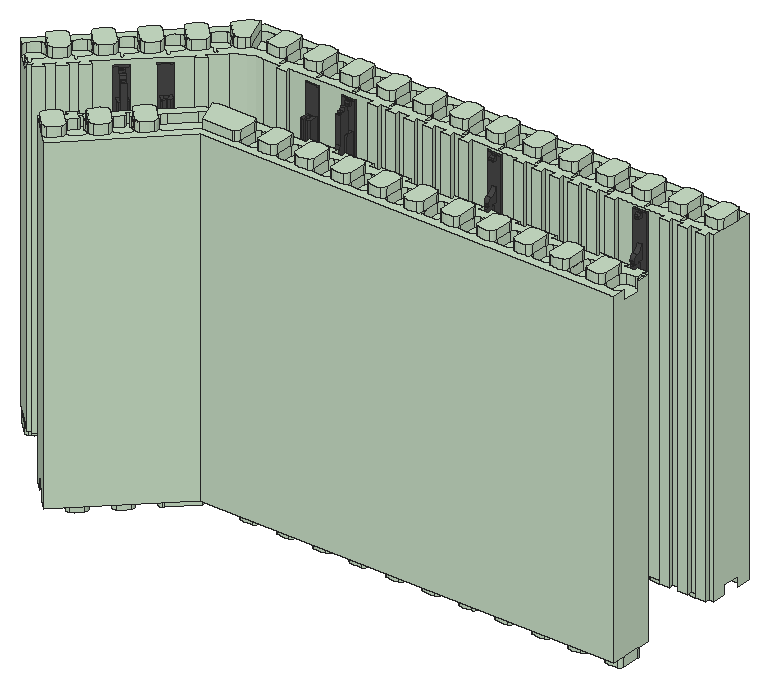
Revit family (continued)
Definition of nested family "NUDURA Logo Diamond"
  Lines and regions (in)
    model lines
      curve 99: arc (11.3964, 0, 2.00607) -> (11.29388, 0, 2.25355) -> (11.3964, 0, 2.50104) r 0.35
      curve 100: arc (11.46711, 0, 2.07678) -> (11.39388, 0, 2.25355) -> (11.46711, 0, 2.43033) r 0.25
      curve 101: arc (12.52777, 0, 2.07678) -> (12.60099, 0, 2.25355) -> (12.52777, 0, 2.43033) r 0.25
      curve 102: arc (12.17421, 0, 2.78388) -> (11.99744, 0, 2.85711) -> (11.82066, 0, 2.78388) r 0.25
      curve 103: arc (11.82066, 0, 1.72322) -> (11.99744, 0, 1.65) -> (12.17421, 0, 1.72322) r 0.25
      curve 104: arc (12.59848, 0, 2.00607) -> (12.70099, 0, 2.25355) -> (12.59848, 0, 2.50104) r 0.35
      curve 105: line (11.63374, 0, 1.76872) -> (11.3964, 0, 2.00607)
      curve 106: line (12.59848, 0, 2.00607) -> (12.36113, 0, 1.76872)
      curve 107: arc (11.63374, 0, 2.73839) -> (11.74358, 0, 3.00355) -> (11.63374, 0, 3.26872) r 0.375
      curve 108: arc (12.36113, 0, 2.73839) -> (12.2513, 0, 3.00355) -> (12.36113, 0, 3.26872) r 0.375
      curve 109: line (12.36113, 0, 4.23839) -> (12.59848, 0, 4.00104)
      curve 110: line (11.3964, 0, 4.00104) -> (11.63374, 0, 4.23839)
      curve 111: line (11.82066, 0, 3.22322) -> (11.46711, 0, 3.57678)
      curve 112: line (12.52777, 0, 3.57678) -> (12.17421, 0, 3.22322)
      curve 113: line (12.17421, 0, 4.28388) -> (12.52777, 0, 3.93033)
      curve 114: line (11.46711, 0, 3.93033) -> (11.82066, 0, 4.28388)
      curve 115: arc (11.3964, 0, 3.50607) -> (11.29388, 0, 3.75355) -> (11.3964, 0, 4.00104) r 0.35
      curve 116: arc (11.46711, 0, 3.57678) -> (11.39388, 0, 3.75355) -> (11.46711, 0, 3.93033) r 0.25
      curve 117: arc (12.52777, 0, 3.57678) -> (12.60099, 0, 3.75355) -> (12.52777, 0, 3.93033) r 0.25
      curve 118: arc (12.17421, 0, 4.28388) -> (11.99744, 0, 4.35711) -> (11.82066, 0, 4.28388) r 0.25
      curve 119: arc (11.82066, 0, 3.22322) -> (11.99744, 0, 3.15) -> (12.17421, 0, 3.22322) r 0.25
      curve 120: arc (12.59848, 0, 3.50607) -> (12.70099, 0, 3.75355) -> (12.59848, 0, 4.00104) r 0.35
      curve 121: line (11.63374, 0, 3.26872) -> (11.3964, 0, 3.50607)
      curve 122: arc (11.63374, 0, 4.23839) -> (11.74358, 0, 4.50355) -> (11.63374, 0, 4.76872) r 0.375
      curve 123: arc (12.36113, 0, 4.23839) -> (12.2513, 0, 4.50355) -> (12.36113, 0, 4.76872) r 0.375
      curve 124: line (12.78279, 0, 5.19038) -> (12.36113, 0, 4.76872)
      curve 125: line (11.21208, 0, 5.19038) -> (11.28279, 0, 5.26109)
      curve 126: arc (11.82066, 0, 4.72322) -> (11.99744, 0, 4.65) -> (12.17421, 0, 4.72322) r 0.25
      curve 127: line (12.37244, 0, 12.50355) -> (11.62244, 0, 12.50355)
      curve 128: line (12.74744, 0, 5.87855) -> (12.74744, 0, 12.12855)
      curve 129: line (11.24744, 0, 12.12855) -> (11.24744, 0, 5.87855)
      curve 130: line (11.62244, 0, 5.50355) -> (12.37244, 0, 5.50355)
      curve 131: line (12.47232, 0, 12.00355) -> (12.0393, 0, 12.25355)
      curve 132: line (12.47232, 0, 11.50355) -> (12.47232, 0, 12.00355)
      curve 133: line (12.25581, 0, 11.37855) -> (12.47232, 0, 11.50355)
      curve 134: line (12.02256, 0, 11.51322) -> (12.25581, 0, 11.37855)
      curve 135: line (12.22232, 0, 11.62855) -> (12.02256, 0, 11.51322)
      curve 136: line (11.80605, 0, 12.11888) -> (12.22232, 0, 11.87855)
      curve 137: line (12.22232, 0, 11.87855) -> (12.22232, 0, 11.62855)
      curve 138: line (12.0393, 0, 12.25355) -> (11.80605, 0, 12.11888)
      curve 139: line (11.77256, 0, 11.63822) -> (11.97232, 0, 11.75355)
      curve 140: line (11.97232, 0, 11.75355) -> (11.73906, 0, 11.88822)
      curve 141: line (11.73906, 0, 11.88822) -> (11.52256, 0, 11.76322)
      curve 142: line (11.52256, 0, 11.76322) -> (11.52256, 0, 11.26322)
      curve 143: line (11.77256, 0, 11.38822) -> (11.77256, 0, 11.63822)
      curve 144: line (12.18882, 0, 11.14789) -> (11.77256, 0, 11.38822)
      curve 145: line (11.95557, 0, 11.01322) -> (12.18882, 0, 11.14789)
      curve 146: line (11.52256, 0, 11.26322) -> (11.95557, 0, 11.01322)
      curve 147: line (12.31108, 0, 10.60411) -> (11.68379, 0, 10.74458)
      curve 148: line (11.68379, 0, 10.74458) -> (11.68379, 0, 10.51321)
      curve 149: line (11.68379, 0, 10.51321) -> (12.1295, 0, 10.41405)
      curve 150: line (12.1295, 0, 10.41405) -> (11.68379, 0, 10.27358)
      curve 151: line (11.68379, 0, 10.27358) -> (11.68379, 0, 9.8852)
      curve 152: line (11.68379, 0, 9.8852) -> (12.17077, 0, 9.77615)
      curve 153: line (12.17077, 0, 9.77615) -> (12.17077, 0, 9.74472)
      curve 154: line (12.17077, 0, 9.74472) -> (11.86146, 0, 9.80279)
      curve 155: line (11.68379, 0, 9.65536) -> (11.68379, 0, 9.35864)
      curve 156: line (12.07077, 0, 8.74385) -> (12.07077, 0, 8.99996)
      curve 157: line (12.07077, 0, 8.99996) -> (11.68379, 0, 9.08605)
      curve 158: line (11.68379, 0, 9.08605) -> (11.68379, 0, 8.47809)
      curve 159: line (11.91823, 0, 9.06589) -> (12.31108, 0, 8.97792)
      curve 160: line (11.82444, 0, 8.55476) -> (11.82444, 0, 8.79865)
      curve 161: line (11.82444, 0, 8.79865) -> (12.07077, 0, 8.74385)
      curve 162: line (11.68379, 0, 8.07193) -> (11.68379, 0, 7.77522)
      curve 163: line (11.91823, 0, 7.48247) -> (12.21108, 0, 7.41688)
      curve 164: line (12.21108, 0, 7.41688) -> (12.21108, 0, 6.95405)
      curve 165: line (12.16108, 0, 6.90405) -> (12.12077, 0, 6.90405)
      curve 166: line (12.07077, 0, 6.95405) -> (12.07077, 0, 7.08675)
      curve 167: line (12.07077, 0, 7.08675) -> (12.12077, 0, 7.07556)
      curve 168: line (12.12077, 0, 7.07556) -> (12.12077, 0, 7.33463)
      curve 169: line (12.12077, 0, 7.33463) -> (11.68379, 0, 7.43249)
      curve 170: line (11.68379, 0, 7.43249) -> (11.68379, 0, 7.17341)
      curve 171: line (11.68379, 0, 7.17341) -> (11.97077, 0, 7.10915)
      curve 172: line (11.97077, 0, 7.10915) -> (11.97077, 0, 6.99425)
      curve 173: line (11.92077, 0, 6.94425) -> (11.68379, 0, 6.94425)
      curve 174: line (11.68379, 0, 6.94425) -> (11.68379, 0, 6.45682)
      curve 175: line (11.68379, 0, 6.45682) -> (11.78284, 0, 6.38658)
      curve 176: line (11.78284, 0, 6.38658) -> (11.78284, 0, 6.05178)
      curve 177: line (12.12371, 0, 6.14486) -> (11.88284, 0, 6.31567)
      curve 178: line (11.88284, 0, 6.31567) -> (11.88284, 0, 6.07909)
      curve 179: line (11.88284, 0, 6.07909) -> (12.12371, 0, 6.14486)
      curve 180: line (11.78284, 0, 6.05178) -> (11.68379, 0, 6.02474)
      curve 181: line (11.68379, 0, 6.02474) -> (11.68379, 0, 5.75355)
      curve 182: line (11.68379, 0, 5.75355) -> (12.31108, 0, 5.92483)
      curve 183: line (12.31108, 0, 5.92483) -> (12.31108, 0, 6.28791)
      curve 184: line (12.31108, 0, 6.28791) -> (11.76249, 0, 6.67694)
      curve 185: line (11.76249, 0, 6.67694) -> (11.90321, 0, 6.67694)
      curve 186: line (12.31108, 0, 6.78674) -> (12.31108, 0, 7.63562)
      curve 187: line (12.31108, 0, 7.63562) -> (11.90258, 0, 7.7271)
      curve 188: line (11.82444, 0, 7.82469) -> (11.82444, 0, 7.92839)
      curve 189: line (11.88536, 0, 7.97718) -> (12.31108, 0, 7.88185)
      curve 190: line (12.31108, 0, 7.88185) -> (12.31108, 0, 8.13496)
      curve 191: line (12.31108, 0, 8.13496) -> (12.08042, 0, 8.17826)
      curve 192: line (12.31108, 0, 8.38353) -> (12.31108, 0, 8.9465)
      curve 193: line (12.31108, 0, 8.9465) -> (12.17077, 0, 8.97771)
      curve 194: line (12.17077, 0, 8.97771) -> (12.17077, 0, 8.55476)
      curve 195: line (12.31108, 0, 8.97792) -> (12.31108, 0, 9.21905)
      curve 196: line (12.31108, 0, 9.21905) -> (11.90258, 0, 9.31053)
      curve 197: line (11.82444, 0, 9.40811) -> (11.82444, 0, 9.51182)
      curve 198: line (11.87938, 0, 9.56195) -> (12.31108, 0, 9.46528)
      curve 199: line (12.31108, 0, 9.46528) -> (12.31108, 0, 9.98469)
      curve 200: line (12.31108, 0, 9.98469) -> (11.90664, 0, 10.07526)
      curve 201: line (11.90664, 0, 10.07526) -> (12.31108, 0, 10.20747)
      curve 202: line (12.31108, 0, 10.20747) -> (12.31108, 0, 10.60411)
      curve 203: arc (11.68379, 0, 9.65536) -> (11.73801, 0, 9.7708) -> (11.86146, 0, 9.80279) r 0.15
      curve 204: arc (11.68379, 0, 9.35864) -> (11.74962, 0, 9.17112) -> (11.91823, 0, 9.06589) r 0.3
      curve 205: arc (11.84417, 0, 8.22149) -> (11.72718, 0, 8.32679) -> (11.68379, 0, 8.47809) r 0.28547
      curve 206: arc (11.68379, 0, 8.07193) -> (11.73147, 0, 8.18158) -> (11.84417, 0, 8.22149) r 0.14992
      curve 207: arc (11.68379, 0, 7.77522) -> (11.74962, 0, 7.58769) -> (11.91823, 0, 7.48247) r 0.3
      curve 208: arc (11.82444, 0, 7.82469) -> (11.84638, 0, 7.76218) -> (11.90258, 0, 7.7271) r 0.1
      curve 209: arc (11.82444, 0, 7.92839) -> (11.84318, 0, 7.96742) -> (11.88536, 0, 7.97718) r 0.05
      curve 210: arc (12.12077, 0, 6.90405) -> (12.08541, 0, 6.91869) -> (12.07077, 0, 6.95405) r 0.05
      curve 211: arc (12.16108, 0, 6.90405) -> (12.19644, 0, 6.91869) -> (12.21108, 0, 6.95405) r 0.05
      curve 212: arc (11.97077, 0, 6.99425) -> (11.95612, 0, 6.95889) -> (11.92077, 0, 6.94425) r 0.05
      curve 213: arc (11.90321, 0, 6.67694) -> (11.96756, 0, 6.70069) -> (12.00104, 0, 6.76055) r 0.09904
      curve 214: arc (12.00104, 0, 6.76055) -> (12.1681, 0, 6.63117) -> (12.31108, 0, 6.78674) r 0.15613
      curve 215: arc (12.08042, 0, 8.17826) -> (12.24181, 0, 8.22914) -> (12.31108, 0, 8.38353) r 0.20667
      curve 216: arc (11.82444, 0, 8.55476) -> (11.9976, 0, 8.3816) -> (12.17077, 0, 8.55476) r 0.17317
      curve 217: arc (11.82444, 0, 9.40811) -> (11.84638, 0, 9.34561) -> (11.90258, 0, 9.31053) r 0.1
      curve 218: arc (11.82444, 0, 9.51182) -> (11.8459, 0, 9.55306) -> (11.892, 0, 9.55913) r 0.05034
      curve 219: arc (11.24744, 0, 12.12855) -> (11.35727, 0, 12.39372) -> (11.62244, 0, 12.50355) r 0.375
      curve 220: arc (12.37244, 0, 12.50355) -> (12.6376, 0, 12.39372) -> (12.74744, 0, 12.12855) r 0.375
      curve 221: arc (11.24744, 0, 5.87855) -> (11.35727, 0, 5.61339) -> (11.62244, 0, 5.50355) r 0.375
      curve 222: arc (12.37244, 0, 5.50355) -> (12.6376, 0, 5.61339) -> (12.74744, 0, 5.87855) r 0.375
      curve 223: line (9.99744, 0, 18) -> (9.99744, 0, 0)
      curve 224: line (13.99744, 0, 18) -> (13.99744, 0, 0)
      curve 225: line (15.99744, 0, 18) -> (15.99744, 0, 0)
Definition of nested family "NUDURA Diamond Pattern Missing Two Lines"
  Reference planes (in)
    plane 1 "Center (Front/Back)": y = 0
    plane 2: z = 0
    plane 3 "Center (Left/Right)": x = 0
    plane 4: z = 18
  Lines and regions (in)
    model lines
      curve 1: line (2, -5.625, 18) -> (2, -5.625, 0)
      curve 2: line (3.35367, -5.625, 16.98484) -> (3.69709, -5.625, 16.64142)
      curve 3: arc (3.35367, -5.625, 17.51517) -> (3.24384, -5.625, 17.25) -> (3.35367, -5.625, 16.98484) r 0.375
      curve 4: line (3.72867, -5.625, 17.89017) -> (3.35367, -5.625, 17.51517)
      curve 5: arc (4.259, -5.625, 17.89017) -> (3.99384, -5.625, 18) -> (3.72867, -5.625, 17.89017) r 0.375
      curve 6: line (4.634, -5.625, 17.51517) -> (4.259, -5.625, 17.89017)
      curve 7: arc (4.634, -5.625, 16.98484) -> (4.74384, -5.625, 17.25) -> (4.634, -5.625, 17.51517) r 0.375
      curve 8: line (4.29059, -5.625, 16.64142) -> (4.634, -5.625, 16.98484)
      curve 9: arc (4.17062, -5.625, 17.80178) -> (3.99384, -5.625, 17.875) -> (3.81706, -5.625, 17.80178) r 0.25
      curve 10: line (4.54562, -5.625, 17.42678) -> (4.17062, -5.625, 17.80178)
      curve 11: arc (4.54562, -5.625, 17.07322) -> (4.61884, -5.625, 17.25) -> (4.54562, -5.625, 17.42678) r 0.25
      curve 12: line (4.17062, -5.625, 16.69822) -> (4.54562, -5.625, 17.07322)
      curve 13: arc (3.81706, -5.625, 16.69822) -> (3.99384, -5.625, 16.625) -> (4.17062, -5.625, 16.69822) r 0.25
      curve 14: line (3.44206, -5.625, 17.07322) -> (3.81706, -5.625, 16.69822)
      curve 15: arc (3.44206, -5.625, 17.42678) -> (3.36884, -5.625, 17.25) -> (3.44206, -5.625, 17.07322) r 0.25
      curve 16: line (3.81706, -5.625, 17.80178) -> (3.44206, -5.625, 17.42678)
      curve 17: arc (3.69709, -5.625, 16.35858) -> (3.75567, -5.625, 16.5) -> (3.69709, -5.625, 16.64142) r 0.2
      curve 18: line (4.634, -5.625, 16.01517) -> (4.29059, -5.625, 16.35858)
      curve 19: arc (4.634, -5.625, 15.48484) -> (4.74384, -5.625, 15.75) -> (4.634, -5.625, 16.01517) r 0.375
      curve 20: line (4.29059, -5.625, 15.14142) -> (4.634, -5.625, 15.48484)
      curve 21: line (3.35367, -5.625, 15.48484) -> (3.69709, -5.625, 15.14142)
      curve 22: arc (3.35367, -5.625, 16.01517) -> (3.24384, -5.625, 15.75) -> (3.35367, -5.625, 15.48484) r 0.375
      curve 23: line (3.69709, -5.625, 16.35858) -> (3.35367, -5.625, 16.01517)
      curve 24: arc (4.17062, -5.625, 16.30178) -> (3.99384, -5.625, 16.375) -> (3.81706, -5.625, 16.30178) r 0.25
      curve 25: line (3.81706, -5.625, 16.30178) -> (3.44206, -5.625, 15.92678)
      curve 26: arc (3.44206, -5.625, 15.92678) -> (3.36884, -5.625, 15.75) -> (3.44206, -5.625, 15.57322) r 0.25
      curve 27: line (3.44206, -5.625, 15.57322) -> (3.81706, -5.625, 15.19822)
      curve 28: arc (3.81706, -5.625, 15.19822) -> (3.99384, -5.625, 15.125) -> (4.17062, -5.625, 15.19822) r 0.25
      curve 29: line (4.17062, -5.625, 15.19822) -> (4.54562, -5.625, 15.57322)
      curve 30: arc (4.54562, -5.625, 15.57322) -> (4.61884, -5.625, 15.75) -> (4.54562, -5.625, 15.92678) r 0.25
      curve 31: line (4.54562, -5.625, 15.92678) -> (4.17062, -5.625, 16.30178)
      curve 32: arc (3.69709, -5.625, 14.85858) -> (3.75567, -5.625, 15) -> (3.69709, -5.625, 15.14142) r 0.2
      curve 33: line (4.634, -5.625, 14.51517) -> (4.29059, -5.625, 14.85858)
      curve 34: arc (4.634, -5.625, 13.98484) -> (4.74384, -5.625, 14.25) -> (4.634, -5.625, 14.51517) r 0.375
      curve 35: line (4.29059, -5.625, 13.64142) -> (4.634, -5.625, 13.98484)
      curve 36: line (3.35367, -5.625, 13.98484) -> (3.69709, -5.625, 13.64142)
      curve 37: arc (3.35367, -5.625, 14.51517) -> (3.24384, -5.625, 14.25) -> (3.35367, -5.625, 13.98484) r 0.375
      curve 38: line (3.69709, -5.625, 14.85858) -> (3.35367, -5.625, 14.51517)
      curve 39: arc (4.17062, -5.625, 14.80178) -> (3.99384, -5.625, 14.875) -> (3.81706, -5.625, 14.80178) r 0.25
      curve 40: line (3.81706, -5.625, 14.80178) -> (3.44206, -5.625, 14.42678)
      curve 41: arc (3.44206, -5.625, 14.42678) -> (3.36884, -5.625, 14.25) -> (3.44206, -5.625, 14.07322) r 0.25
      curve 42: line (3.44206, -5.625, 14.07322) -> (3.81706, -5.625, 13.69822)
      curve 43: arc (3.81706, -5.625, 13.69822) -> (3.99384, -5.625, 13.625) -> (4.17062, -5.625, 13.69822) r 0.25
      curve 44: line (4.17062, -5.625, 13.69822) -> (4.54562, -5.625, 14.07322)
      curve 45: arc (4.54562, -5.625, 14.07322) -> (4.61884, -5.625, 14.25) -> (4.54562, -5.625, 14.42678) r 0.25
      curve 46: line (4.54562, -5.625, 14.42678) -> (4.17062, -5.625, 14.80178)
      curve 47: arc (3.69709, -5.625, 13.35858) -> (3.75567, -5.625, 13.5) -> (3.69709, -5.625, 13.64142) r 0.2
      curve 48: line (4.634, -5.625, 13.01517) -> (4.29059, -5.625, 13.35858)
      curve 49: arc (4.634, -5.625, 12.48484) -> (4.74384, -5.625, 12.75) -> (4.634, -5.625, 13.01517) r 0.375
      curve 50: line (4.29059, -5.625, 12.14142) -> (4.634, -5.625, 12.48484)
      curve 51: line (3.35367, -5.625, 12.48484) -> (3.69709, -5.625, 12.14142)
      curve 52: arc (3.35367, -5.625, 13.01517) -> (3.24384, -5.625, 12.75) -> (3.35367, -5.625, 12.48484) r 0.375
      curve 53: line (3.69709, -5.625, 13.35858) -> (3.35367, -5.625, 13.01517)
      curve 54: arc (4.17062, -5.625, 13.30178) -> (3.99384, -5.625, 13.375) -> (3.81706, -5.625, 13.30178) r 0.25
      curve 55: line (3.81706, -5.625, 13.30178) -> (3.44206, -5.625, 12.92678)
      curve 56: arc (3.44206, -5.625, 12.92678) -> (3.36884, -5.625, 12.75) -> (3.44206, -5.625, 12.57322) r 0.25
      curve 57: line (3.44206, -5.625, 12.57322) -> (3.81706, -5.625, 12.19822)
      curve 58: arc (3.81706, -5.625, 12.19822) -> (3.99384, -5.625, 12.125) -> (4.17062, -5.625, 12.19822) r 0.25
      curve 59: line (4.17062, -5.625, 12.19822) -> (4.54562, -5.625, 12.57322)
      curve 60: arc (4.54562, -5.625, 12.57322) -> (4.61884, -5.625, 12.75) -> (4.54562, -5.625, 12.92678) r 0.25
      curve 61: line (4.54562, -5.625, 12.92678) -> (4.17062, -5.625, 13.30178)
      curve 62: arc (3.69709, -5.625, 11.85858) -> (3.75567, -5.625, 12) -> (3.69709, -5.625, 12.14142) r 0.2
      curve 63: line (4.634, -5.625, 11.51517) -> (4.29059, -5.625, 11.85858)
      curve 64: arc (4.634, -5.625, 10.98484) -> (4.74384, -5.625, 11.25) -> (4.634, -5.625, 11.51517) r 0.375
      curve 65: line (4.29059, -5.625, 10.64142) -> (4.634, -5.625, 10.98484)
      curve 66: line (3.35367, -5.625, 10.98484) -> (3.69709, -5.625, 10.64142)
      curve 67: arc (3.35367, -5.625, 11.51517) -> (3.24384, -5.625, 11.25) -> (3.35367, -5.625, 10.98484) r 0.375
      curve 68: line (3.69709, -5.625, 11.85858) -> (3.35367, -5.625, 11.51517)
      curve 69: arc (4.17062, -5.625, 11.80178) -> (3.99384, -5.625, 11.875) -> (3.81706, -5.625, 11.80178) r 0.25
      curve 70: line (3.81706, -5.625, 11.80178) -> (3.44206, -5.625, 11.42678)
      curve 71: arc (3.44206, -5.625, 11.42678) -> (3.36884, -5.625, 11.25) -> (3.44206, -5.625, 11.07322) r 0.25
      curve 72: line (3.44206, -5.625, 11.07322) -> (3.81706, -5.625, 10.69822)
      curve 73: arc (3.81706, -5.625, 10.69822) -> (3.99384, -5.625, 10.625) -> (4.17062, -5.625, 10.69822) r 0.25
      curve 74: line (4.17062, -5.625, 10.69822) -> (4.54562, -5.625, 11.07322)
      curve 75: arc (4.54562, -5.625, 11.07322) -> (4.61884, -5.625, 11.25) -> (4.54562, -5.625, 11.42678) r 0.25
      curve 76: line (4.54562, -5.625, 11.42678) -> (4.17062, -5.625, 11.80178)
      curve 77: arc (3.69709, -5.625, 10.35858) -> (3.75567, -5.625, 10.5) -> (3.69709, -5.625, 10.64142) r 0.2
      curve 78: line (4.634, -5.625, 10.01517) -> (4.29059, -5.625, 10.35858)
      curve 79: arc (4.634, -5.625, 9.48484) -> (4.74384, -5.625, 9.75) -> (4.634, -5.625, 10.01517) r 0.375
      curve 80: line (4.29059, -5.625, 9.14142) -> (4.634, -5.625, 9.48484)
      curve 81: line (3.35367, -5.625, 9.48484) -> (3.69709, -5.625, 9.14142)
      curve 82: arc (3.35367, -5.625, 10.01517) -> (3.24384, -5.625, 9.75) -> (3.35367, -5.625, 9.48484) r 0.375
      curve 83: line (3.69709, -5.625, 10.35858) -> (3.35367, -5.625, 10.01517)
      curve 84: arc (4.17062, -5.625, 10.30178) -> (3.99384, -5.625, 10.375) -> (3.81706, -5.625, 10.30178) r 0.25
      curve 85: line (3.81706, -5.625, 10.30178) -> (3.44206, -5.625, 9.92678)
      curve 86: arc (3.44206, -5.625, 9.92678) -> (3.36884, -5.625, 9.75) -> (3.44206, -5.625, 9.57322) r 0.25
      curve 87: line (3.44206, -5.625, 9.57322) -> (3.81706, -5.625, 9.19822)
      curve 88: arc (3.81706, -5.625, 9.19822) -> (3.99384, -5.625, 9.125) -> (4.17062, -5.625, 9.19822) r 0.25
      curve 89: line (4.17062, -5.625, 9.19822) -> (4.54562, -5.625, 9.57322)
      curve 90: arc (4.54562, -5.625, 9.57322) -> (4.61884, -5.625, 9.75) -> (4.54562, -5.625, 9.92678) r 0.25
      curve 91: line (4.54562, -5.625, 9.92678) -> (4.17062, -5.625, 10.30178)
      curve 92: arc (3.69709, -5.625, 8.85858) -> (3.75567, -5.625, 9) -> (3.69709, -5.625, 9.14142) r 0.2
      curve 93: line (4.634, -5.625, 8.51517) -> (4.29059, -5.625, 8.85858)
      curve 94: arc (4.634, -5.625, 7.98484) -> (4.74384, -5.625, 8.25) -> (4.634, -5.625, 8.51517) r 0.375
      curve 95: line (4.29059, -5.625, 7.64142) -> (4.634, -5.625, 7.98484)
      curve 96: line (3.35367, -5.625, 7.98484) -> (3.69709, -5.625, 7.64142)
      curve 97: arc (3.35367, -5.625, 8.51517) -> (3.24384, -5.625, 8.25) -> (3.35367, -5.625, 7.98484) r 0.375
      curve 98: line (3.69709, -5.625, 8.85858) -> (3.35367, -5.625, 8.51517)
      curve 99: arc (4.17062, -5.625, 8.80178) -> (3.99384, -5.625, 8.875) -> (3.81706, -5.625, 8.80178) r 0.25
      curve 100: line (3.81706, -5.625, 8.80178) -> (3.44206, -5.625, 8.42678)
      curve 101: arc (3.44206, -5.625, 8.42678) -> (3.36884, -5.625, 8.25) -> (3.44206, -5.625, 8.07322) r 0.25
      curve 102: line (3.44206, -5.625, 8.07322) -> (3.81706, -5.625, 7.69822)
      curve 103: arc (3.81706, -5.625, 7.69822) -> (3.99384, -5.625, 7.625) -> (4.17062, -5.625, 7.69822) r 0.25
      curve 104: line (4.17062, -5.625, 7.69822) -> (4.54562, -5.625, 8.07322)
      curve 105: arc (4.54562, -5.625, 8.07322) -> (4.61884, -5.625, 8.25) -> (4.54562, -5.625, 8.42678) r 0.25
      curve 106: line (4.54562, -5.625, 8.42678) -> (4.17062, -5.625, 8.80178)
      curve 107: arc (3.69709, -5.625, 7.35858) -> (3.75567, -5.625, 7.5) -> (3.69709, -5.625, 7.64142) r 0.2
      curve 108: line (4.634, -5.625, 7.01517) -> (4.29059, -5.625, 7.35858)
      curve 109: arc (4.634, -5.625, 6.48484) -> (4.74384, -5.625, 6.75) -> (4.634, -5.625, 7.01517) r 0.375
      curve 110: line (4.29059, -5.625, 6.14142) -> (4.634, -5.625, 6.48484)
      curve 111: line (3.35367, -5.625, 6.48484) -> (3.69709, -5.625, 6.14142)
      curve 112: arc (3.35367, -5.625, 7.01517) -> (3.24384, -5.625, 6.75) -> (3.35367, -5.625, 6.48484) r 0.375
      curve 113: line (3.69709, -5.625, 7.35858) -> (3.35367, -5.625, 7.01517)
      curve 114: arc (4.17062, -5.625, 7.30178) -> (3.99384, -5.625, 7.375) -> (3.81706, -5.625, 7.30178) r 0.25
      curve 115: line (3.81706, -5.625, 7.30178) -> (3.44206, -5.625, 6.92678)
      curve 116: arc (3.44206, -5.625, 6.92678) -> (3.36884, -5.625, 6.75) -> (3.44206, -5.625, 6.57322) r 0.25
      curve 117: line (3.44206, -5.625, 6.57322) -> (3.81706, -5.625, 6.19822)
      curve 118: arc (3.81706, -5.625, 6.19822) -> (3.99384, -5.625, 6.125) -> (4.17062, -5.625, 6.19822) r 0.25
      curve 119: line (4.17062, -5.625, 6.19822) -> (4.54562, -5.625, 6.57322)
      curve 120: arc (4.54562, -5.625, 6.57322) -> (4.61884, -5.625, 6.75) -> (4.54562, -5.625, 6.92678) r 0.25
      curve 121: line (4.54562, -5.625, 6.92678) -> (4.17062, -5.625, 7.30178)
      curve 122: arc (3.69709, -5.625, 5.85858) -> (3.75567, -5.625, 6) -> (3.69709, -5.625, 6.14142) r 0.2
      curve 123: line (4.634, -5.625, 5.51517) -> (4.29059, -5.625, 5.85858)
      curve 124: arc (4.634, -5.625, 4.98484) -> (4.74384, -5.625, 5.25) -> (4.634, -5.625, 5.51517) r 0.375
      curve 125: line (4.29059, -5.625, 4.64142) -> (4.634, -5.625, 4.98484)
      curve 126: line (3.35367, -5.625, 4.98484) -> (3.69709, -5.625, 4.64142)
      curve 127: arc (3.35367, -5.625, 5.51517) -> (3.24384, -5.625, 5.25) -> (3.35367, -5.625, 4.98484) r 0.375
      curve 128: line (3.69709, -5.625, 5.85858) -> (3.35367, -5.625, 5.51517)
      curve 129: arc (4.17062, -5.625, 5.80178) -> (3.99384, -5.625, 5.875) -> (3.81706, -5.625, 5.80178) r 0.25
      curve 130: line (3.81706, -5.625, 5.80178) -> (3.44206, -5.625, 5.42678)
      curve 131: arc (3.44206, -5.625, 5.42678) -> (3.36884, -5.625, 5.25) -> (3.44206, -5.625, 5.07322) r 0.25
      curve 132: line (3.44206, -5.625, 5.07322) -> (3.81706, -5.625, 4.69822)
      curve 133: arc (3.81706, -5.625, 4.69822) -> (3.99384, -5.625, 4.625) -> (4.17062, -5.625, 4.69822) r 0.25
      curve 134: line (4.17062, -5.625, 4.69822) -> (4.54562, -5.625, 5.07322)
      curve 135: arc (4.54562, -5.625, 5.07322) -> (4.61884, -5.625, 5.25) -> (4.54562, -5.625, 5.42678) r 0.25
      curve 136: line (4.54562, -5.625, 5.42678) -> (4.17062, -5.625, 5.80178)
      curve 137: arc (3.69709, -5.625, 4.35858) -> (3.75567, -5.625, 4.5) -> (3.69709, -5.625, 4.64142) r 0.2
      curve 138: line (4.634, -5.625, 4.01517) -> (4.29059, -5.625, 4.35858)
      curve 139: arc (4.634, -5.625, 3.48484) -> (4.74384, -5.625, 3.75) -> (4.634, -5.625, 4.01517) r 0.375
      curve 140: line (4.29059, -5.625, 3.14142) -> (4.634, -5.625, 3.48484)
      curve 141: line (3.35367, -5.625, 3.48484) -> (3.69709, -5.625, 3.14142)
      curve 142: arc (3.35367, -5.625, 4.01517) -> (3.24384, -5.625, 3.75) -> (3.35367, -5.625, 3.48484) r 0.375
      curve 143: line (3.69709, -5.625, 4.35858) -> (3.35367, -5.625, 4.01517)
      curve 144: arc (4.17062, -5.625, 4.30178) -> (3.99384, -5.625, 4.375) -> (3.81706, -5.625, 4.30178) r 0.25
      curve 145: line (3.81706, -5.625, 4.30178) -> (3.44206, -5.625, 3.92678)
      curve 146: arc (3.44206, -5.625, 3.92678) -> (3.36884, -5.625, 3.75) -> (3.44206, -5.625, 3.57322) r 0.25
      curve 147: line (3.44206, -5.625, 3.57322) -> (3.81706, -5.625, 3.19822)
      curve 148: arc (3.81706, -5.625, 3.19822) -> (3.99384, -5.625, 3.125) -> (4.17062, -5.625, 3.19822) r 0.25
      curve 149: line (4.17062, -5.625, 3.19822) -> (4.54562, -5.625, 3.57322)
      curve 150: arc (4.54562, -5.625, 3.57322) -> (4.61884, -5.625, 3.75) -> (4.54562, -5.625, 3.92678) r 0.25
      curve 151: line (4.54562, -5.625, 3.92678) -> (4.17062, -5.625, 4.30178)
      curve 152: arc (3.69709, -5.625, 2.85858) -> (3.75567, -5.625, 3) -> (3.69709, -5.625, 3.14142) r 0.2
      curve 153: line (4.634, -5.625, 2.51517) -> (4.29059, -5.625, 2.85858)
      curve 154: arc (4.634, -5.625, 1.98484) -> (4.74384, -5.625, 2.25) -> (4.634, -5.625, 2.51517) r 0.375
      curve 155: line (4.29059, -5.625, 1.64142) -> (4.634, -5.625, 1.98484)
      curve 156: line (3.35367, -5.625, 1.98484) -> (3.69709, -5.625, 1.64142)
      curve 157: arc (3.35367, -5.625, 2.51517) -> (3.24384, -5.625, 2.25) -> (3.35367, -5.625, 1.98484) r 0.375
      curve 158: line (3.69709, -5.625, 2.85858) -> (3.35367, -5.625, 2.51517)
      curve 159: arc (4.17062, -5.625, 2.80178) -> (3.99384, -5.625, 2.875) -> (3.81706, -5.625, 2.80178) r 0.25
      curve 160: line (3.81706, -5.625, 2.80178) -> (3.44206, -5.625, 2.42678)
      curve 161: arc (3.44206, -5.625, 2.42678) -> (3.36884, -5.625, 2.25) -> (3.44206, -5.625, 2.07322) r 0.25
      curve 162: line (3.44206, -5.625, 2.07322) -> (3.81706, -5.625, 1.69822)
      curve 163: arc (3.81706, -5.625, 1.69822) -> (3.99384, -5.625, 1.625) -> (4.17062, -5.625, 1.69822) r 0.25
      curve 164: line (4.17062, -5.625, 1.69822) -> (4.54562, -5.625, 2.07322)
      curve 165: arc (4.54562, -5.625, 2.07322) -> (4.61884, -5.625, 2.25) -> (4.54562, -5.625, 2.42678) r 0.25
      curve 166: line (4.54562, -5.625, 2.42678) -> (4.17062, -5.625, 2.80178)
      curve 167: arc (3.69709, -5.625, 1.35858) -> (3.75567, -5.625, 1.5) -> (3.69709, -5.625, 1.64142) r 0.2
      curve 168: line (3.69709, -5.625, 1.35858) -> (3.35367, -5.625, 1.01517)
      curve 169: arc (3.35367, -5.625, 1.01517) -> (3.24384, -5.625, 0.75) -> (3.35367, -5.625, 0.48484) r 0.375
      curve 170: line (3.35367, -5.625, 0.48484) -> (3.72867, -5.625, 0.10984)
      curve 171: arc (3.72867, -5.625, 0.10984) -> (3.99384, -5.625, 0) -> (4.259, -5.625, 0.10984) r 0.375
      curve 172: line (4.259, -5.625, 0.10984) -> (4.634, -5.625, 0.48484)
      curve 173: arc (4.634, -5.625, 0.48484) -> (4.74384, -5.625, 0.75) -> (4.634, -5.625, 1.01517) r 0.375
      curve 174: line (4.634, -5.625, 1.01517) -> (4.29059, -5.625, 1.35858)
      curve 175: arc (4.29059, -5.625, 1.64142) -> (4.23201, -5.625, 1.5) -> (4.29059, -5.625, 1.35858) r 0.2
      curve 176: arc (4.17062, -5.625, 1.30178) -> (3.99384, -5.625, 1.375) -> (3.81706, -5.625, 1.30178) r 0.25
      curve 177: line (4.54562, -5.625, 0.92678) -> (4.17062, -5.625, 1.30178)
      curve 178: arc (4.54562, -5.625, 0.57322) -> (4.61884, -5.625, 0.75) -> (4.54562, -5.625, 0.92678) r 0.25
      curve 179: line (4.17062, -5.625, 0.19822) -> (4.54562, -5.625, 0.57322)
      curve 180: arc (3.81706, -5.625, 0.19822) -> (3.99384, -5.625, 0.125) -> (4.17062, -5.625, 0.19822) r 0.25
      curve 181: line (3.44206, -5.625, 0.57322) -> (3.81706, -5.625, 0.19822)
      curve 182: arc (3.44206, -5.625, 0.92678) -> (3.36884, -5.625, 0.75) -> (3.44206, -5.625, 0.57322) r 0.25
      curve 183: line (3.81706, -5.625, 1.30178) -> (3.44206, -5.625, 0.92678)
      curve 184: arc (4.29059, -5.625, 3.14142) -> (4.23201, -5.625, 3) -> (4.29059, -5.625, 2.85858) r 0.2
      curve 185: arc (4.29059, -5.625, 4.64142) -> (4.23201, -5.625, 4.5) -> (4.29059, -5.625, 4.35858) r 0.2
      curve 186: arc (4.29059, -5.625, 6.14142) -> (4.23201, -5.625, 6) -> (4.29059, -5.625, 5.85858) r 0.2
      curve 187: arc (4.29059, -5.625, 7.64142) -> (4.23201, -5.625, 7.5) -> (4.29059, -5.625, 7.35858) r 0.2
      curve 188: arc (4.29059, -5.625, 9.14142) -> (4.23201, -5.625, 9) -> (4.29059, -5.625, 8.85858) r 0.2
      curve 189: arc (4.29059, -5.625, 10.64142) -> (4.23201, -5.625, 10.5) -> (4.29059, -5.625, 10.35858) r 0.2
      curve 190: arc (4.29059, -5.625, 12.14142) -> (4.23201, -5.625, 12) -> (4.29059, -5.625, 11.85858) r 0.2
      curve 191: arc (4.29059, -5.625, 13.64142) -> (4.23201, -5.625, 13.5) -> (4.29059, -5.625, 13.35858) r 0.2
      curve 192: arc (4.29059, -5.625, 15.14142) -> (4.23201, -5.625, 15) -> (4.29059, -5.625, 14.85858) r 0.2
      curve 193: arc (4.29059, -5.625, 16.64142) -> (4.23201, -5.625, 16.5) -> (4.29059, -5.625, 16.35858) r 0.2
Definition of nested family "NUDURA Logo Diamond with No Outside Lines"
  Reference planes (in)
    plane 1 "Center (Front/Back)": y = 0
    plane 2: z = 0
    plane 3 "Center (Left/Right)": x = 0
  Lines and regions (in)
    model lines
      curve 1: line (12.59848, 0, 17.50104) -> (12.24492, 0, 17.85459)
      curve 2: line (12.36113, 0, 16.76872) -> (12.59848, 0, 17.00607)
      curve 3: line (12.59848, 0, 16.00104) -> (12.36113, 0, 16.23839)
      curve 4: line (12.36113, 0, 15.26872) -> (12.59848, 0, 15.50607)
      curve 5: line (12.59848, 0, 14.50104) -> (12.36113, 0, 14.73839)
      curve 6: line (12.36113, 0, 13.76872) -> (12.59848, 0, 14.00607)
      curve 7: line (12.17421, 0, 13.28388) -> (12.71208, 0, 12.74602)
      curve 8: line (12.71208, 0, 12.74602) -> (12.78279, 0, 12.81673)
      curve 9: line (11.28279, 0, 12.74602) -> (11.82066, 0, 13.28388)
      curve 10: line (11.63374, 0, 13.23839) -> (11.21208, 0, 12.81673)
      curve 11: line (11.3964, 0, 14.00607) -> (11.63374, 0, 13.76872)
      curve 12: line (11.63374, 0, 14.73839) -> (11.3964, 0, 14.50104)
      curve 13: line (11.3964, 0, 15.50607) -> (11.63374, 0, 15.26872)
      curve 14: line (11.63374, 0, 16.23839) -> (11.3964, 0, 16.00104)
      curve 15: line (11.3964, 0, 17.00607) -> (11.63374, 0, 16.76872)
      curve 16: line (11.74995, 0, 17.85459) -> (11.3964, 0, 17.50104)
      curve 17: line (11.82066, 0, 17.78388) -> (11.46711, 0, 17.43033)
      curve 18: line (12.52777, 0, 17.43033) -> (12.17421, 0, 17.78388)
      curve 19: line (12.17421, 0, 16.72322) -> (12.52777, 0, 17.07678)
      curve 20: line (11.46711, 0, 17.07678) -> (11.82066, 0, 16.72322)
      curve 21: arc (11.3964, 0, 17.50104) -> (11.29388, 0, 17.25355) -> (11.3964, 0, 17.00607) r 0.35
      curve 22: arc (11.74995, 0, 17.85459) -> (11.99744, 0, 17.95711) -> (12.24492, 0, 17.85459) r 0.35
      curve 23: arc (11.46711, 0, 17.43033) -> (11.39388, 0, 17.25355) -> (11.46711, 0, 17.07678) r 0.25
      curve 24: arc (12.52777, 0, 17.43033) -> (12.60099, 0, 17.25355) -> (12.52777, 0, 17.07678) r 0.25
      curve 25: arc (12.17421, 0, 16.72322) -> (11.99744, 0, 16.65) -> (11.82066, 0, 16.72322) r 0.25
      curve 26: arc (11.82066, 0, 17.78388) -> (11.99744, 0, 17.85711) -> (12.17421, 0, 17.78388) r 0.25
      curve 27: arc (12.59848, 0, 17.50104) -> (12.70099, 0, 17.25355) -> (12.59848, 0, 17.00607) r 0.35
      curve 28: arc (11.63374, 0, 16.76872) -> (11.74358, 0, 16.50355) -> (11.63374, 0, 16.23839) r 0.375
      curve 29: arc (12.36113, 0, 16.76872) -> (12.2513, 0, 16.50355) -> (12.36113, 0, 16.23839) r 0.375
      curve 30: line (12.36113, 0, 15.26872) -> (12.59848, 0, 15.50607)
      curve 31: line (11.3964, 0, 15.50607) -> (11.63374, 0, 15.26872)
      curve 32: line (11.82066, 0, 16.28388) -> (11.46711, 0, 15.93033)
      curve 33: line (12.52777, 0, 15.93033) -> (12.17421, 0, 16.28388)
      curve 34: line (12.17421, 0, 15.22322) -> (12.52777, 0, 15.57678)
      curve 35: line (11.46711, 0, 15.57678) -> (11.82066, 0, 15.22322)
      curve 36: arc (11.3964, 0, 16.00104) -> (11.29388, 0, 15.75355) -> (11.3964, 0, 15.50607) r 0.35
      curve 37: arc (11.46711, 0, 15.93033) -> (11.39388, 0, 15.75355) -> (11.46711, 0, 15.57678) r 0.25
      curve 38: arc (12.52777, 0, 15.93033) -> (12.60099, 0, 15.75355) -> (12.52777, 0, 15.57678) r 0.25
      curve 39: arc (12.17421, 0, 15.22322) -> (11.99744, 0, 15.15) -> (11.82066, 0, 15.22322) r 0.25
      curve 40: arc (11.82066, 0, 16.28388) -> (11.99744, 0, 16.35711) -> (12.17421, 0, 16.28388) r 0.25
      curve 41: arc (12.59848, 0, 16.00104) -> (12.70099, 0, 15.75355) -> (12.59848, 0, 15.50607) r 0.35
      curve 42: line (11.63374, 0, 16.23839) -> (11.3964, 0, 16.00104)
      curve 43: line (12.59848, 0, 16.00104) -> (12.36113, 0, 16.23839)
      curve 44: arc (11.63374, 0, 15.26872) -> (11.74358, 0, 15.00355) -> (11.63374, 0, 14.73839) r 0.375
      curve 45: arc (12.36113, 0, 15.26872) -> (12.2513, 0, 15.00355) -> (12.36113, 0, 14.73839) r 0.375
      curve 46: line (12.36113, 0, 13.76872) -> (12.59848, 0, 14.00607)
      curve 47: line (11.3964, 0, 14.00607) -> (11.63374, 0, 13.76872)
      curve 48: line (11.82066, 0, 14.78388) -> (11.46711, 0, 14.43033)
      curve 49: line (12.52777, 0, 14.43033) -> (12.17421, 0, 14.78388)
      curve 50: line (12.17421, 0, 13.72322) -> (12.52777, 0, 14.07678)
      curve 51: line (11.46711, 0, 14.07678) -> (11.82066, 0, 13.72322)
      curve 52: arc (11.3964, 0, 14.50104) -> (11.29388, 0, 14.25355) -> (11.3964, 0, 14.00607) r 0.35
      curve 53: arc (11.46711, 0, 14.43033) -> (11.39388, 0, 14.25355) -> (11.46711, 0, 14.07678) r 0.25
      curve 54: arc (12.52777, 0, 14.43033) -> (12.60099, 0, 14.25355) -> (12.52777, 0, 14.07678) r 0.25
      curve 55: arc (12.17421, 0, 13.72322) -> (11.99744, 0, 13.65) -> (11.82066, 0, 13.72322) r 0.25
      curve 56: arc (11.82066, 0, 14.78388) -> (11.99744, 0, 14.85711) -> (12.17421, 0, 14.78388) r 0.25
      curve 57: arc (12.59848, 0, 14.50104) -> (12.70099, 0, 14.25355) -> (12.59848, 0, 14.00607) r 0.35
      curve 58: line (11.63374, 0, 14.73839) -> (11.3964, 0, 14.50104)
      curve 59: arc (11.63374, 0, 13.76872) -> (11.74358, 0, 13.50355) -> (11.63374, 0, 13.23839) r 0.375
      curve 60: arc (12.36113, 0, 13.76872) -> (12.2513, 0, 13.50355) -> (12.36113, 0, 13.23839) r 0.375
      curve 61: line (12.78279, 0, 12.81673) -> (12.36113, 0, 13.23839)
      curve 62: line (11.21208, 0, 12.81673) -> (11.28279, 0, 12.74602)
      curve 63: arc (11.82066, 0, 13.28388) -> (11.99744, 0, 13.35711) -> (12.17421, 0, 13.28388) r 0.25
      curve 64: line (12.59848, 0, 0.50607) -> (12.24492, 0, 0.15251)
      curve 65: line (12.36113, 0, 1.23839) -> (12.59848, 0, 1.00104)
      curve 66: line (12.59848, 0, 2.00607) -> (12.36113, 0, 1.76872)
      curve 67: line (12.36113, 0, 2.73839) -> (12.59848, 0, 2.50104)
      curve 68: line (12.59848, 0, 3.50607) -> (12.36113, 0, 3.26872)
      curve 69: line (12.36113, 0, 4.23839) -> (12.59848, 0, 4.00104)
      curve 70: line (12.17421, 0, 4.72322) -> (12.71208, 0, 5.26109)
      curve 71: line (12.71208, 0, 5.26109) -> (12.78279, 0, 5.19038)
      curve 72: line (11.28279, 0, 5.26109) -> (11.82066, 0, 4.72322)
      curve 73: line (11.63374, 0, 4.76872) -> (11.21208, 0, 5.19038)
      curve 74: line (11.3964, 0, 4.00104) -> (11.63374, 0, 4.23839)
      curve 75: line (11.63374, 0, 3.26872) -> (11.3964, 0, 3.50607)
      curve 76: line (11.3964, 0, 2.50104) -> (11.63374, 0, 2.73839)
      curve 77: line (11.63374, 0, 1.76872) -> (11.3964, 0, 2.00607)
      curve 78: line (11.3964, 0, 1.00104) -> (11.63374, 0, 1.23839)
      curve 79: line (11.74995, 0, 0.15251) -> (11.3964, 0, 0.50607)
      curve 80: line (11.82066, 0, 0.22322) -> (11.46711, 0, 0.57678)
      curve 81: line (12.52777, 0, 0.57678) -> (12.17421, 0, 0.22322)
      curve 82: line (12.17421, 0, 1.28388) -> (12.52777, 0, 0.93033)
      curve 83: line (11.46711, 0, 0.93033) -> (11.82066, 0, 1.28388)
      curve 84: arc (11.3964, 0, 0.50607) -> (11.29388, 0, 0.75355) -> (11.3964, 0, 1.00104) r 0.35
      curve 85: arc (11.74995, 0, 0.15251) -> (11.99744, 0, 0.05) -> (12.24492, 0, 0.15251) r 0.35
      curve 86: arc (11.46711, 0, 0.57678) -> (11.39388, 0, 0.75355) -> (11.46711, 0, 0.93033) r 0.25
      curve 87: arc (12.52777, 0, 0.57678) -> (12.60099, 0, 0.75355) -> (12.52777, 0, 0.93033) r 0.25
      curve 88: arc (12.17421, 0, 1.28388) -> (11.99744, 0, 1.35711) -> (11.82066, 0, 1.28388) r 0.25
      curve 89: arc (11.82066, 0, 0.22322) -> (11.99744, 0, 0.15) -> (12.17421, 0, 0.22322) r 0.25
      curve 90: arc (12.59848, 0, 0.50607) -> (12.70099, 0, 0.75355) -> (12.59848, 0, 1.00104) r 0.35
      curve 91: arc (11.63374, 0, 1.23839) -> (11.74358, 0, 1.50355) -> (11.63374, 0, 1.76872) r 0.375
      curve 92: arc (12.36113, 0, 1.23839) -> (12.2513, 0, 1.50355) -> (12.36113, 0, 1.76872) r 0.375
      curve 93: line (12.36113, 0, 2.73839) -> (12.59848, 0, 2.50104)
      curve 94: line (11.3964, 0, 2.50104) -> (11.63374, 0, 2.73839)
      curve 95: line (11.82066, 0, 1.72322) -> (11.46711, 0, 2.07678)
      curve 96: line (12.52777, 0, 2.07678) -> (12.17421, 0, 1.72322)
      curve 97: line (12.17421, 0, 2.78388) -> (12.52777, 0, 2.43033)
      curve 98: line (11.46711, 0, 2.43033) -> (11.82066, 0, 2.78388)
      curve 99: arc (11.3964, 0, 2.00607) -> (11.29388, 0, 2.25355) -> (11.3964, 0, 2.50104) r 0.35
      curve 100: arc (11.46711, 0, 2.07678) -> (11.39388, 0, 2.25355) -> (11.46711, 0, 2.43033) r 0.25
      curve 101: arc (12.52777, 0, 2.07678) -> (12.60099, 0, 2.25355) -> (12.52777, 0, 2.43033) r 0.25
      curve 102: arc (12.17421, 0, 2.78388) -> (11.99744, 0, 2.85711) -> (11.82066, 0, 2.78388) r 0.25
      curve 103: arc (11.82066, 0, 1.72322) -> (11.99744, 0, 1.65) -> (12.17421, 0, 1.72322) r 0.25
      curve 104: arc (12.59848, 0, 2.00607) -> (12.70099, 0, 2.25355) -> (12.59848, 0, 2.50104) r 0.35
      curve 105: line (11.63374, 0, 1.76872) -> (11.3964, 0, 2.00607)
      curve 106: line (12.59848, 0, 2.00607) -> (12.36113, 0, 1.76872)
      curve 107: arc (11.63374, 0, 2.73839) -> (11.74358, 0, 3.00355) -> (11.63374, 0, 3.26872) r 0.375
      curve 108: arc (12.36113, 0, 2.73839) -> (12.2513, 0, 3.00355) -> (12.36113, 0, 3.26872) r 0.375
      curve 109: line (12.36113, 0, 4.23839) -> (12.59848, 0, 4.00104)
      curve 110: line (11.3964, 0, 4.00104) -> (11.63374, 0, 4.23839)
      curve 111: line (11.82066, 0, 3.22322) -> (11.46711, 0, 3.57678)
      curve 112: line (12.52777, 0, 3.57678) -> (12.17421, 0, 3.22322)
      curve 113: line (12.17421, 0, 4.28388) -> (12.52777, 0, 3.93033)
      curve 114: line (11.46711, 0, 3.93033) -> (11.82066, 0, 4.28388)
      curve 115: arc (11.3964, 0, 3.50607) -> (11.29388, 0, 3.75355) -> (11.3964, 0, 4.00104) r 0.35
      curve 116: arc (11.46711, 0, 3.57678) -> (11.39388, 0, 3.75355) -> (11.46711, 0, 3.93033) r 0.25
      curve 117: arc (12.52777, 0, 3.57678) -> (12.60099, 0, 3.75355) -> (12.52777, 0, 3.93033) r 0.25
      curve 118: arc (12.17421, 0, 4.28388) -> (11.99744, 0, 4.35711) -> (11.82066, 0, 4.28388) r 0.25
      curve 119: arc (11.82066, 0, 3.22322) -> (11.99744, 0, 3.15) -> (12.17421, 0, 3.22322) r 0.25
      curve 120: arc (12.59848, 0, 3.50607) -> (12.70099, 0, 3.75355) -> (12.59848, 0, 4.00104) r 0.35
      curve 121: line (11.63374, 0, 3.26872) -> (11.3964, 0, 3.50607)
      curve 122: arc (11.63374, 0, 4.23839) -> (11.74358, 0, 4.50355) -> (11.63374, 0, 4.76872) r 0.375
      curve 123: arc (12.36113, 0, 4.23839) -> (12.2513, 0, 4.50355) -> (12.36113, 0, 4.76872) r 0.375
      curve 124: line (12.78279, 0, 5.19038) -> (12.36113, 0, 4.76872)
      curve 125: line (11.21208, 0, 5.19038) -> (11.28279, 0, 5.26109)
      curve 126: arc (11.82066, 0, 4.72322) -> (11.99744, 0, 4.65) -> (12.17421, 0, 4.72322) r 0.25
      curve 127: line (12.37244, 0, 12.50355) -> (11.62244, 0, 12.50355)
      curve 128: line (12.74744, 0, 5.87855) -> (12.74744, 0, 12.12855)
      curve 129: line (11.24744, 0, 12.12855) -> (11.24744, 0, 5.87855)
      curve 130: line (11.62244, 0, 5.50355) -> (12.37244, 0, 5.50355)
      curve 131: line (12.47232, 0, 12.00355) -> (12.0393, 0, 12.25355)
      curve 132: line (12.47232, 0, 11.50355) -> (12.47232, 0, 12.00355)
      curve 133: line (12.25581, 0, 11.37855) -> (12.47232, 0, 11.50355)
      curve 134: line (12.02256, 0, 11.51322) -> (12.25581, 0, 11.37855)
      curve 135: line (12.22232, 0, 11.62855) -> (12.02256, 0, 11.51322)
      curve 136: line (11.80605, 0, 12.11888) -> (12.22232, 0, 11.87855)
      curve 137: line (12.22232, 0, 11.87855) -> (12.22232, 0, 11.62855)
      curve 138: line (12.0393, 0, 12.25355) -> (11.80605, 0, 12.11888)
      curve 139: line (11.77256, 0, 11.63822) -> (11.97232, 0, 11.75355)
      curve 140: line (11.97232, 0, 11.75355) -> (11.73906, 0, 11.88822)
      curve 141: line (11.73906, 0, 11.88822) -> (11.52256, 0, 11.76322)
      curve 142: line (11.52256, 0, 11.76322) -> (11.52256, 0, 11.26322)
      curve 143: line (11.77256, 0, 11.38822) -> (11.77256, 0, 11.63822)
      curve 144: line (12.18882, 0, 11.14789) -> (11.77256, 0, 11.38822)
      curve 145: line (11.95557, 0, 11.01322) -> (12.18882, 0, 11.14789)
      curve 146: line (11.52256, 0, 11.26322) -> (11.95557, 0, 11.01322)
      curve 147: line (12.31108, 0, 10.60411) -> (11.68379, 0, 10.74458)
      curve 148: line (11.68379, 0, 10.74458) -> (11.68379, 0, 10.51321)
      curve 149: line (11.68379, 0, 10.51321) -> (12.1295, 0, 10.41405)
      curve 150: line (12.1295, 0, 10.41405) -> (11.68379, 0, 10.27358)
      curve 151: line (11.68379, 0, 10.27358) -> (11.68379, 0, 9.8852)
      curve 152: line (11.68379, 0, 9.8852) -> (12.17077, 0, 9.77615)
      curve 153: line (12.17077, 0, 9.77615) -> (12.17077, 0, 9.74472)
      curve 154: line (12.17077, 0, 9.74472) -> (11.86146, 0, 9.80279)
      curve 155: line (11.68379, 0, 9.65536) -> (11.68379, 0, 9.35864)
      curve 156: line (12.07077, 0, 8.74385) -> (12.07077, 0, 8.99996)
      curve 157: line (12.07077, 0, 8.99996) -> (11.68379, 0, 9.08605)
      curve 158: line (11.68379, 0, 9.08605) -> (11.68379, 0, 8.47809)
      curve 159: line (11.91823, 0, 9.06589) -> (12.31108, 0, 8.97792)
      curve 160: line (11.82444, 0, 8.55476) -> (11.82444, 0, 8.79865)
      curve 161: line (11.82444, 0, 8.79865) -> (12.07077, 0, 8.74385)
      curve 162: line (11.68379, 0, 8.07193) -> (11.68379, 0, 7.77522)
      curve 163: line (11.91823, 0, 7.48247) -> (12.21108, 0, 7.41688)
      curve 164: line (12.21108, 0, 7.41688) -> (12.21108, 0, 6.95405)
      curve 165: line (12.16108, 0, 6.90405) -> (12.12077, 0, 6.90405)
      curve 166: line (12.07077, 0, 6.95405) -> (12.07077, 0, 7.08675)
      curve 167: line (12.07077, 0, 7.08675) -> (12.12077, 0, 7.07556)
      curve 168: line (12.12077, 0, 7.07556) -> (12.12077, 0, 7.33463)
      curve 169: line (12.12077, 0, 7.33463) -> (11.68379, 0, 7.43249)
      curve 170: line (11.68379, 0, 7.43249) -> (11.68379, 0, 7.17341)
      curve 171: line (11.68379, 0, 7.17341) -> (11.97077, 0, 7.10915)
      curve 172: line (11.97077, 0, 7.10915) -> (11.97077, 0, 6.99425)
      curve 173: line (11.92077, 0, 6.94425) -> (11.68379, 0, 6.94425)
      curve 174: line (11.68379, 0, 6.94425) -> (11.68379, 0, 6.45682)
      curve 175: line (11.68379, 0, 6.45682) -> (11.78284, 0, 6.38658)
      curve 176: line (11.78284, 0, 6.38658) -> (11.78284, 0, 6.05178)
      curve 177: line (12.12371, 0, 6.14486) -> (11.88284, 0, 6.31567)
      curve 178: line (11.88284, 0, 6.31567) -> (11.88284, 0, 6.07909)
      curve 179: line (11.88284, 0, 6.07909) -> (12.12371, 0, 6.14486)
      curve 180: line (11.78284, 0, 6.05178) -> (11.68379, 0, 6.02474)
      curve 181: line (11.68379, 0, 6.02474) -> (11.68379, 0, 5.75355)
      curve 182: line (11.68379, 0, 5.75355) -> (12.31108, 0, 5.92483)
      curve 183: line (12.31108, 0, 5.92483) -> (12.31108, 0, 6.28791)
      curve 184: line (12.31108, 0, 6.28791) -> (11.76249, 0, 6.67694)
      curve 185: line (11.76249, 0, 6.67694) -> (11.90321, 0, 6.67694)
      curve 186: line (12.31108, 0, 6.78674) -> (12.31108, 0, 7.63562)
      curve 187: line (12.31108, 0, 7.63562) -> (11.90258, 0, 7.7271)
      curve 188: line (11.82444, 0, 7.82469) -> (11.82444, 0, 7.92839)
      curve 189: line (11.88536, 0, 7.97718) -> (12.31108, 0, 7.88185)
      curve 190: line (12.31108, 0, 7.88185) -> (12.31108, 0, 8.13496)
      curve 191: line (12.31108, 0, 8.13496) -> (12.08042, 0, 8.17826)
      curve 192: line (12.31108, 0, 8.38353) -> (12.31108, 0, 8.9465)
      curve 193: line (12.31108, 0, 8.9465) -> (12.17077, 0, 8.97771)
      curve 194: line (12.17077, 0, 8.97771) -> (12.17077, 0, 8.55476)
      curve 195: line (12.31108, 0, 8.97792) -> (12.31108, 0, 9.21905)
      curve 196: line (12.31108, 0, 9.21905) -> (11.90258, 0, 9.31053)
      curve 197: line (11.82444, 0, 9.40811) -> (11.82444, 0, 9.51182)
      curve 198: line (11.87938, 0, 9.56195) -> (12.31108, 0, 9.46528)
      curve 199: line (12.31108, 0, 9.46528) -> (12.31108, 0, 9.98469)
      curve 200: line (12.31108, 0, 9.98469) -> (11.90664, 0, 10.07526)
      curve 201: line (11.90664, 0, 10.07526) -> (12.31108, 0, 10.20747)
      curve 202: line (12.31108, 0, 10.20747) -> (12.31108, 0, 10.60411)
      curve 203: arc (11.68379, 0, 9.65536) -> (11.73801, 0, 9.7708) -> (11.86146, 0, 9.80279) r 0.15
      curve 204: arc (11.68379, 0, 9.35864) -> (11.74962, 0, 9.17112) -> (11.91823, 0, 9.06589) r 0.3
      curve 205: arc (11.84417, 0, 8.22149) -> (11.72718, 0, 8.32679) -> (11.68379, 0, 8.47809) r 0.28547
      curve 206: arc (11.68379, 0, 8.07193) -> (11.73147, 0, 8.18158) -> (11.84417, 0, 8.22149) r 0.14992
      curve 207: arc (11.68379, 0, 7.77522) -> (11.74962, 0, 7.58769) -> (11.91823, 0, 7.48247) r 0.3
      curve 208: arc (11.82444, 0, 7.82469) -> (11.84638, 0, 7.76218) -> (11.90258, 0, 7.7271) r 0.1
      curve 209: arc (11.82444, 0, 7.92839) -> (11.84318, 0, 7.96742) -> (11.88536, 0, 7.97718) r 0.05
      curve 210: arc (12.12077, 0, 6.90405) -> (12.08541, 0, 6.91869) -> (12.07077, 0, 6.95405) r 0.05
      curve 211: arc (12.16108, 0, 6.90405) -> (12.19644, 0, 6.91869) -> (12.21108, 0, 6.95405) r 0.05
      curve 212: arc (11.97077, 0, 6.99425) -> (11.95612, 0, 6.95889) -> (11.92077, 0, 6.94425) r 0.05
      curve 213: arc (11.90321, 0, 6.67694) -> (11.96756, 0, 6.70069) -> (12.00104, 0, 6.76055) r 0.09904
      curve 214: arc (12.00104, 0, 6.76055) -> (12.1681, 0, 6.63117) -> (12.31108, 0, 6.78674) r 0.15613
      curve 215: arc (12.08042, 0, 8.17826) -> (12.24181, 0, 8.22914) -> (12.31108, 0, 8.38353) r 0.20667
      curve 216: arc (11.82444, 0, 8.55476) -> (11.9976, 0, 8.3816) -> (12.17077, 0, 8.55476) r 0.17317
      curve 217: arc (11.82444, 0, 9.40811) -> (11.84638, 0, 9.34561) -> (11.90258, 0, 9.31053) r 0.1
      curve 218: arc (11.82444, 0, 9.51182) -> (11.8459, 0, 9.55306) -> (11.892, 0, 9.55913) r 0.05034
      curve 219: arc (11.24744, 0, 12.12855) -> (11.35727, 0, 12.39372) -> (11.62244, 0, 12.50355) r 0.375
      curve 220: arc (12.37244, 0, 12.50355) -> (12.6376, 0, 12.39372) -> (12.74744, 0, 12.12855) r 0.375
      curve 221: arc (11.24744, 0, 5.87855) -> (11.35727, 0, 5.61339) -> (11.62244, 0, 5.50355) r 0.375
      curve 222: arc (12.37244, 0, 5.50355) -> (12.6376, 0, 5.61339) -> (12.74744, 0, 5.87855) r 0.375
